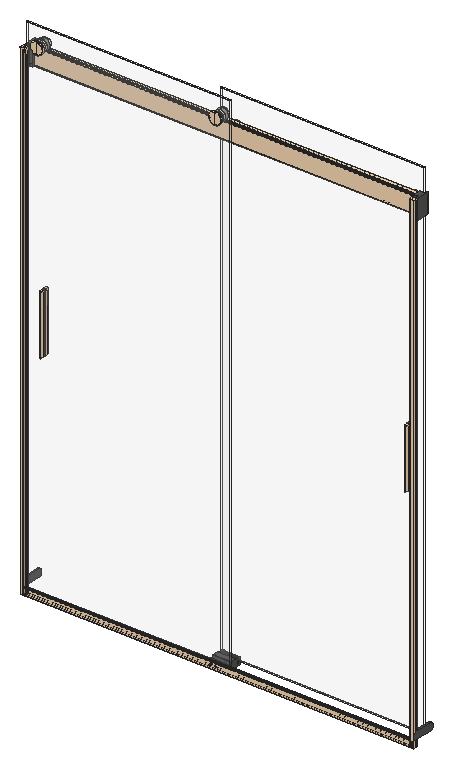
Revit family "Shower-Shower_Door-KOHLER-Levity-K-706383_1", category Specialty Equipment, host Face, Revit 2021 (continued)
Definition of nested family "K-706383"
  Automatic sketch dimensions
    plane 20 to Masking region 4 sketch curve = 0.00499"
    Masking region 4 sketch curve to plane 20 = 0.00903"
    Masking region 4 sketch curve to plane 20 = 0.10202"
    Masking region 4 sketch curve to Masking region 4 sketch curve = 0.027"
    plane 18 "s4" to Masking region 4 sketch curve = 0.54747"
    plane 18 "s4" to Masking region 4 sketch curve = 0.65912"
    Masking region 4 sketch curve to plane 25 = 0.15592"
    plane 23 to Masking region 4 sketch curve = 0.20048"
    Masking region 4 sketch curve to plane 19 = 0.1122"  (x2)
    Masking region 4 sketch curve to plane 25 = 0.39674"
    Masking region 4 sketch curve to Masking region 4 sketch curve = 0.04281"  (x3)
    Masking region 4 sketch curve to Masking region 4 sketch curve = 0.19751"
    Masking region 4 sketch curve to plane 25 = 0.17688"
    plane 25 to Masking region 4 sketch curve = 0.04387"
    plane 25 to Masking region 4 sketch curve = 0.17516"
    Masking region 4 sketch curve to Masking region 4 sketch curve = 0.25274"
    Masking region 4 sketch curve to Masking region 4 sketch curve = 0.20721"
    Masking region 4 sketch curve to Masking region 4 sketch curve = 0.29588"
    Masking region 4 sketch curve to Masking region 4 sketch curve = 0.12597"
    Masking region 4 sketch curve to Masking region 4 sketch curve = 0.19429"
    Masking region 4 sketch curve to Masking region 4 sketch curve = 0.0129"
    Extrusion 25 sketch curve to plane 24 = 0"
    plane 1 "Center (Front/Back)" to Extrusion 25 sketch curve = 0.22079"
    plane 12 to Extrusion 25 sketch curve = 0.45683"
    plane 20 to Extrusion 28 sketch curve = 3/16"
    Extrusion 28 sketch curve to plane 25 = 0.6762"
    Extrusion 28 sketch curve to plane 25 = 0.15608"
    plane 25 to Extrusion 28 sketch curve = 0.15608"
    plane 23 to Extrusion 28 sketch curve = 0.18346"
    curve 95 to plane 6 = 0"
    curve 105 to plane 6 = 0"
    curve 97 to plane 12 = 0"
    curve 101 to plane 12 = 0"
    curve 96 to plane 12 = 0"
    curve 145 to plane 14 "s2" = 0"
    curve 142 to plane 3 "Center (Left/Right)" = 0"
    curve 190 to plane 19 = 0"
    curve 197 to plane 19 = 0"
    curve 195 to plane 19 = 0"
    curve 198 to plane 5 = 0"
    curve 188 to plane 5 = 0"
    curve 192 to plane 5 = 0"
    curve 95 to curve 95 = 0.02216"
    curve 96 to plane 12 = 0.02069"
    curve 94 to plane 12 = 0.02027"
    plane 1 "Center (Front/Back)" to curve 101 = 0.04655"
    curve 101 to curve 101 = 0.10945"
    curve 100 to curve 103 = 0.23833"
    curve 103 to curve 104 = 0.10905"
    plane 24 to curve 108 = 0.37457"
    curve 184 to curve 108 = 0.60823"
    plane 24 to curve 111 = 0.24898"
    curve 108 to curve 111 = 0.00023"
    curve 109 to curve 107 = 0.03977"
    plane 24 to curve 111 = 0.20736"
    curve 109 to curve 111 = 0.04162"
    plane 11 "s1" to curve 127 = 0.7443"
    curve 126 to curve 128 = 0"
    curve 127 to curve 141 = 0.03455"
    curve 132 to curve 137 = 9/256"
    curve 107 to curve 124 = 0.23686"
    curve 137 to curve 138 = 0.02475"
    curve 128 to curve 125 = 0.19684"
    curve 125 to curve 128 = 0.01657"
    plane 13 to curve 120 = 0.10194"
    plane 13 to curve 131 = 0.02619"
    plane 13 to curve 119 = 0.00815"
    curve 136 to plane 13 = 0.09445"
    curve 122 to plane 13 = 0.10197"
    curve 124 to plane 13 = 0.10447"
    curve 133 to curve 135 = 0.03097"
    curve 136 to curve 141 = 0.02969"
    curve 130 to plane 13 = 0.1562"
    curve 117 to curve 118 = 0.08252"
    curve 134 to curve 127 = 0.03455"
    curve 129 to curve 126 = 0.03346"
    curve 122 to curve 114 = 0.23752"
    curve 110 to curve 123 = 0.00161"
    curve 116 to curve 123 = 0.04"
    plane 24 to curve 148 = 0.37521"
    plane 14 "s2" to curve 148 = 0.93569"
    curve 148 to curve 146 = 0.04041"
    curve 147 to curve 145 = 0.04155"
    curve 227 to curve 164 = 0.49407"
    curve 163 to curve 164 = 0"
    curve 174 to curve 160 = 0.03346"
    curve 174 to curve 167 = 0.03455"
    curve 165 to curve 167 = 0.03003"  (x2)
    curve 168 to curve 166 = 0.03133"
    curve 160 to curve 162 = 0.16338"
    curve 162 to curve 174 = 0.00661"
    curve 173 to plane 14 "s2" = 0.52577"
    curve 173 to curve 179 = 0.02169"
    curve 173 to curve 171 = 0.12459"
    curve 156 to plane 14 "s2" = 0.65912"
    curve 171 to curve 170 = 0.02797"
    curve 171 to curve 169 = 0.03142"
    curve 176 to curve 178 = 0.16338"
    curve 169 to curve 172 = 0.03455"
    curve 177 to curve 175 = 0.03346"
    curve 146 to curve 151 = 0.23502"
    curve 151 to curve 156 = 0.00185"
    plane 24 to curve 152 = 0.24892"
    curve 151 to curve 152 = 0.04155"
    plane 1 "Center (Front/Back)" to curve 142 = 0.04655"
    plane 20 to curve 213 = 0.1562"
    curve 187 to curve 189 = 0.08991"
    plane 19 to curve 196 = 0.02837"
    plane 19 to curve 197 = 0.02874"
    plane 19 to curve 191 = 0.02874"
    plane 5 to curve 196 = 0.02911"
    plane 5 to curve 198 = 0.02874"
    plane 5 to curve 192 = 0.02858"
    curve 120 to curve 121 = 0.0195"
    curve 151 to curve 150 = 0.04155"
    curve 120 to curve 122 = 0.02992"
    curve 120 to curve 121 = 0.02995"
    curve 108 to curve 108 = 0.04"
    curve 148 to curve 149 = 0.03937"
    plane 1 "Center (Front/Back)" to curve 187 = 0.33981"
    plane 1 "Center (Front/Back)" to curve 104 = 0.32984"
    curve 188 to curve 191 = 0.02775"
    curve 118 to curve 119 = 0.04341"
    curve 119 to curve 117 = 0.01945"
    curve 176 to plane 1 "Center (Front/Back)" = 0.35633"
    curve 130 to plane 1 "Center (Front/Back)" = 0.35633"
    curve 160 to curve 163 = 0.12547"
    curve 125 to curve 126 = 0.12547"
    curve 125 to curve 128 = 0.18787"
    curve 162 to curve 174 = 0.18787"
    curve 164 to curve 168 = 0.28129"
    curve 134 to curve 136 = 0.28131"
    curve 168 to curve 165 = 0.0013"
    curve 132 to curve 141 = 0.28258"
    curve 169 to curve 171 = 0.00345"
    curve 132 to curve 138 = 0.00623"
    curve 134 to curve 135 = 0.02969"
    curve 213 to plane 25 = 0.35393"
    plane 25 to curve 197 = 0.05113"
    plane 25 to curve 198 = 7/128"
    plane 25 to curve 96 = 0.06136"
    plane 25 to curve 95 = 0.06496"
    curve 215 to curve 127 = 0.56158"
    curve 99 to curve 125 = 0.16338"
    plane 13 to curve 139 = 0.00718"
    curve 116 to curve 118 = 0.05181"
    curve 129 to curve 140 = 0.00604"
    curve 118 to curve 185 = 0.00891"
    curve 130 to curve 99 = 0.0313"
    curve 143 to plane 1 "Center (Front/Back)" = 0.156"
    curve 143 to plane 26 = 0.39328"
    curve 144 to curve 143 = 0"
    curve 230 to curve 148 = 0.30269"
    curve 146 to curve 185 = 0.23616"
    curve 162 to curve 226 = 0.00272"
    curve 155 to curve 158 = 0.24447"
    curve 183 to plane 3 "Center (Left/Right)" = 0.46585"
    curve 143 to curve 183 = 0"
    plane 20 to curve 207 = 0.38103"
    curve 208 to curve 207 = 0"
    curve 210 to curve 213 = 0.0313"
    plane 20 to curve 209 = 3/16"
    plane 20 to curve 206 = 0.15592"
    plane 20 to curve 205 = 33/256"
    curve 209 to curve 211 = 0.08686"
    curve 214 to plane 20 = 0.00718"
    curve 205 to plane 20 = 0.12902"
    plane 18 "s4" to curve 212 = 0.54747"
    plane 25 to curve 209 = 0.15622"
    curve 212 to curve 209 = 0.11165"
    curve 206 to curve 209 = 0"
    curve 212 to curve 210 = 0.16338"
    curve 206 to curve 208 = 0.27656"
    curve 207 to curve 208 = 0"
    curve 194 to plane 4 = 0.26384"
    plane 24 to curve 187 = 0.08976"
    plane 24 to curve 104 = 0.08876"
    curve 184 to curve 103 = 0.04715"
    curve 146 to curve 186 = 0.07258"
    plane 1 "Center (Front/Back)" to curve 190 = 0.08606"
    curve 102 to plane 1 "Center (Front/Back)" = 0.04664"
    curve 99 to plane 1 "Center (Front/Back)" = 0.156"
    curve 195 to plane 1 "Center (Front/Back)" = 0.27119"
    curve 102 to curve 97 = 0.23158"
    curve 161 to curve 144 = 0.04478"
    curve 143 to curve 183 = 0.2451"
    curve 98 to plane 1 "Center (Front/Back)" = 0.4011"
    curve 139 to curve 140 = 0.04478"
    curve 194 to plane 1 "Center (Front/Back)" = 0.4011"
    curve 98 to curve 221 = 0.06628"
    curve 226 to curve 162 = 0.01441"
    curve 194 to curve 218 = 0.06628"
    curve 169 to curve 217 = 0.01434"
    curve 134 to curve 224 = 0.01434"
    curve 132 to curve 220 = 0.01434"
    curve 217 to curve 216 = 0.04996"
    curve 220 to curve 219 = 0.04996"
    curve 224 to curve 223 = 0.04996"
    curve 219 to curve 215 = 0.08675"
    curve 223 to curve 222 = 0.08675"
    curve 216 to curve 225 = 0.08675"
    curve 214 to curve 214 = 0.04281"
    curve 227 to plane 25 = 0.39674"
    curve 225 to curve 194 = 0.33544"
    curve 215 to curve 98 = 0.33544"
    curve 204 to plane 25 = 0.35393"
    curve 97 to plane 25 = 0.26776"
    curve 195 to plane 25 = 0.24623"
    curve 227 to curve 228 = 0.15398"
    curve 203 to plane 25 = 0.15592"
    curve 210 to plane 25 = 0.15592"
    curve 213 to plane 25 = 0.15591"
    plane 25 to curve 199 = 0.15608"
    plane 25 to curve 209 = 0.15608"
    plane 25 to curve 229 = 0.27082"
    curve 199 to curve 200 = 0.29588"
    curve 211 to curve 211 = 0.29588"
    curve 206 to curve 208 = 0.0397"
    curve 200 to curve 201 = 0.03982"
    curve 201 to curve 202 = 0.12574"
    curve 208 to curve 207 = 0.12597"
    plane 23 to curve 205 = 0.20048"
    curve 24 to curve 25 = 0"  (x2)
    curve 8 to plane 6 = 0"
    curve 9 to plane 6 = 0"
    curve 3 to plane 12 = 0"
    curve 5 to plane 12 = 0"
    curve 19 to plane 10 = 0"
    curve 18 to plane 9 = 0"
    curve 25 to plane 7 = 0"
    plane 14 "s2" to curve 25 = 0"
    curve 16 to plane 3 "Center (Left/Right)" = 0"
    curve 30 to plane 10 = 0"
    curve 30 to plane 9 = 0"
    curve 17 to plane 21 = 0"
    curve 16 to plane 22 = 0"
    curve 13 to plane 4 = 0"
    curve 11 to plane 19 = 0"
    curve 10 to plane 8 = 0"
    plane 22 to curve 4 = 0.19459"
    plane 12 to curve 4 = 0.45683"
    plane 13 to curve 19 = 3/16"
    curve 14 to curve 15 = 0.26384"
    level to curve 5 = 0.07994"
    level to curve 13 = 0.07941"
    curve 14 to curve 17 = 0.22415"
    curve 18 to curve 22 = 0.05584"
    curve 23 to curve 19 = 0.05584"
    curve 26 to curve 30 = 0.05588"
    curve 31 to curve 27 = 0.05578"
    plane 19 to curve 12 = 0.02837"
    curve 5 to curve 9 = 2.05362"
    curve 5 to curve 8 = 0.97972"
    level to curve 10 = 1.04657"
    level to curve 6 = 0.07994"
    plane 22 to curve 6 = 0.19459"
    plane 22 to curve 12 = 0.20811"
    radius of curve 24 = 0.93567"
    radius of curve 25 = 0.89414"
Types (6): name | Type | Model | Finish
  (no name) | 1 | "K-706383-L-2MB" | Kohler-Metal-2MB-Vibrant_Brushed_Moderne_Brass
  2MB-Vibrant Brushed Moderne Brass | 1 | "K-706383-L-2MB" | Kohler-Metal-2MB-Vibrant_Brushed_Moderne_Brass
  ABZ-Anodized Dark Bronze | 2 | "K-706383-L-ABZ" | Kohler-Metal-ABZ-Anodized_Dark_Bronze
  BL-Matte Black | 3 | "K-706383-L-BL" | Kohler-Metal-BL-Matte_Black
  NX-Brushed Nickel | 4 | "K-706383-L-NX" | Kohler-Metal-NX-Brushed_Nickel
  SHP-Bright Polished Silver | 5 | "K-706383-L-SHP" | Kohler-Metal-SHP-Bright_Polished_Silver
